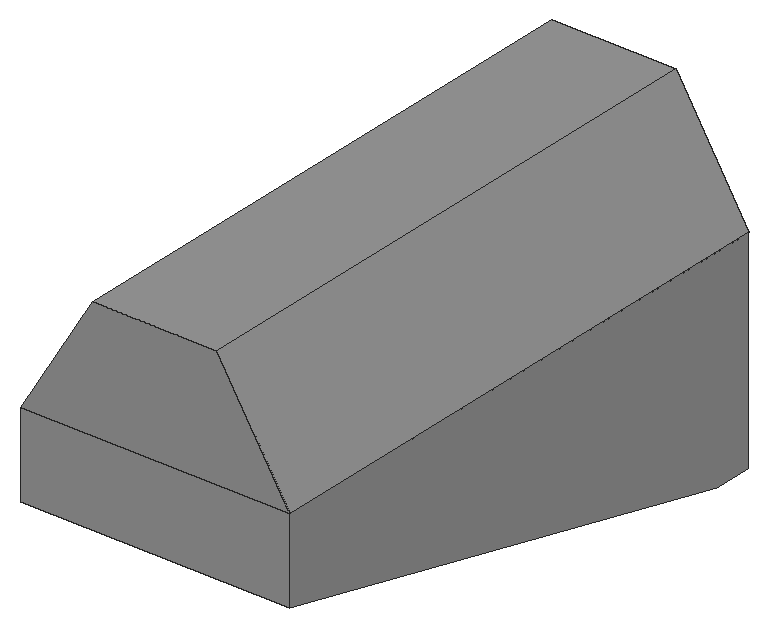
Revit family "НЕВАТОМ_Кожух защиты электродвигателя ВР 280-46 (Исп. 2), Версия 1", category Оборудование, Revit 2017
Family settings
  Размер круглого соединителя = Использовать диаметр
  Тип детали = Нормальный
  На основе рабочей плоскости = Нет
  Всегда вертикально = Да
  При загрузке вырезать с полостями = Нет
  Общий = Нет
  Точка расчета площади = Нет
Parameters (values of type "Кожух защиты электродвигателя ВР-280-46 (Исполнение 2)")
  Материал = Сталь оцинкованная
  Кожух = "НЕВАТОМ_Кожух защиты электродвигателя ВР 280-46, Исполнение 2"  # constant formula
  Исполнение = "Исполнение 1"  # constant formula
  t = 1 mm
  VR = 2
  T2 = A - 2 mm  # 96 mm
  T1 = B - 2 mm  # 209 mm
  Ln = L - 2 mm  # 448 mm
  Lm = size_lookup(Кожух, "Lm", 31 mm, VR)  # 31 mm
  L = size_lookup(Кожух, "L", 305 mm, VR)  # 450 mm
  Hm = size_lookup(Кожух, "Hm", -94 mm, VR)  # -94.86 mm
  H = size_lookup(Кожух, "H", 215 mm, VR)  # 168 mm
  B = size_lookup(Кожух, "b", 179 mm, VR)  # 211 mm
  ADSK_Примечание = ""
  ADSK_Позиция = ""
  ADSK_Обозначение = ""
  ADSK_Наименование = size_lookup(Кожух, "", "Кожух защиты электродвигателя ВР-280-46-2.5", VR)  # "Кожух защиты электродвигателя ВР-280-46-2.0 (Исп. 2)"
  ADSK_Масса = 0
  ADSK_Марка = ""
  ADSK_Код изделия = ""
  ADSK_Завод-изготовитель = "НЕВАТОМ"
  ADSK_Единица измерения = "шт."
  A = 98 mm
Reference planes
  plane 1 "По центру (Вперед/Назад)": y = 0
  plane 2: z = 0
  plane 3 "По центру (Влево/Вправо)": x = 0
  plane 4: y = 225
  plane 5: x = -49
  plane 6: x = 49
  plane 7: y = -225
  plane 8: x = 105.5
  plane 9: x = -105.5
  plane 10: y = 225
  plane 11: y = -225
Forms (mm)
  Blend 1, solid, material "Сталь оцинкованная" <- "Материал"
    base sketch origin (0, 0, 0) x (1, 0, 0) y (0, 1, 0)
      loop
        line (-49, -225) -> (49, -225) -> (49, 225) -> (-49, 225) -> (-49, -225)
    top sketch origin (0, 0, 0) x (1, 0, 0) y (0, 1, 0)
      loop
        line (105.5, -225) -> (105.5, 225) -> (-105.5, 225) -> (-105.5, -225) -> (105.5, -225)
    from 0 to -94.86 <- "Hm"
  Extrusion 2, solid, material "Сталь оцинкованная" <- "Материал"
    sketch origin (0, 0, 0) x (0, 1, 0) y (0, 0, 1)
      loop
        line (225, -94.86) -> (-225, -94.86) -> (-225, -160.72) -> (194, -260.72) -> (225, -260.72) -> (225, -94.86)
    from -105.5 to 105.5
Dimensions and locks
  equal spacing: plane 5, plane 3 "По центру (Влево/Вправо)", plane 6
  "A": plane 5 to plane 6
  equal spacing: plane 4, plane 1 "По центру (Вперед/Назад)", plane 7
  "L": plane 4 to plane 7
  equal spacing: plane 9, plane 3 "По центру (Влево/Вправо)", plane 8
  "B": plane 9 to plane 8
  equal spacing: plane 10, plane 1 "По центру (Вперед/Назад)", plane 11
  "L": plane 10 to plane 11
  Blend 1 to Blend 1 = 56.5 mm  (x2)
  Blend 1 to Blend 1 = 94.86 mm
  aligned and locked: level to plane 2
  aligned and locked: plane 7 to Blend 1 sketch curve
  aligned and locked: plane 4 to Blend 1 sketch curve
  aligned and locked: plane 6 to Blend 1 sketch curve
  aligned and locked: Blend 1 sketch curve to plane 5
  aligned and locked: plane 10 to Blend 1 sketch curve
  aligned and locked: Blend 1 sketch curve to plane 8
  aligned and locked: plane 9 to Blend 1 sketch curve
  aligned and locked: plane 11 to Blend 1 sketch curve
  aligned and locked: Extrusion 2 to Blend 1  (x4)
  aligned and locked: Blend 1 to Extrusion 2
Automatic sketch dimensions
  Extrusion 2 sketch curve to Extrusion 2 sketch curve = 31 mm
  Extrusion 2 sketch curve to level = 94.86 mm
  plane 1 "По центру (Вперед/Назад)" to Extrusion 2 sketch curve = 225 mm
  Extrusion 2 sketch curve to plane 1 "По центру (Вперед/Назад)" = 194 mm
  Extrusion 2 sketch curve to Extrusion 2 sketch curve = 65.86 mm
  Extrusion 2 sketch curve to Extrusion 2 sketch curve = 165.86 mm
